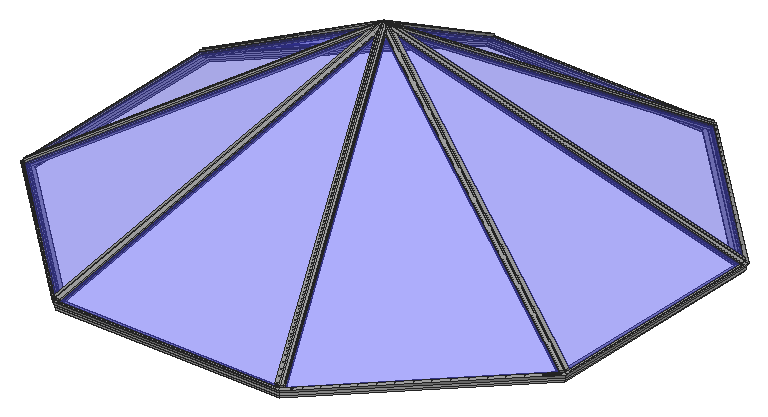
Revit family "Versalite™ Glass - Octagon - Insulating Glass", category Generic Models, Revit 2015
Parameters
  Width Limitation [instance] = if(Width > 8' 0", 8' 0", if(Width < 3' 0", 3' 0", Width))  # 8' - 0"
  Width [instance] = 10' - 0"
  URL = "obe.com"
  Edge [instance] = Width Limitation * cos(45.00°)  # 5' - 7.88225"
  Model = "Pre-engineered Skylight"
  Manufacturer = "Oldcastle BuildingEnvelope®"
  Keynote = "08 63 00"
  Height [instance] = (Raster 2 * tan(30.00°)) + (0' 1 173/256")  # 2' - 6.49368"
  Glass Material = Glass
  Gasket Material = Gasket
  Frame Material = Aluminum
  Raster 2 [instance] = Width Limitation / 2 + 0' 1 117/128"  # 4' - 1 117/128"
  Raster [instance] = Width Limitation / 2  # 4' - 0"
  Description = "Versalite™ Glass - Insulating Glass"
  Assembly Code = "B3020"
Reference planes (in)
  plane 1 "Center (Front/Back)": y = 0
  plane 2: z = 0
  plane 3 "Center (Left/Right)": x = 0
  plane 4: y = -115.88225
  plane 5: y = 115.88225
  plane 6: x = -24
  plane 7: x = 72
  plane 8 "Roof Left": through (-18.37096, 46.91666, 0.625) normal (0, 0.5, 0.866)
  plane 9 "Roof Rigth": through (-18.37096, -46.91666, 0.625) normal (0, 0.5, -0.866)
  plane 10: z = 30.49368
  plane 11: x = 24
  plane 12: x = 24
  plane 13: x = -91.88225
  plane 14: y = 48
  plane 15: y = -48
  plane 16: x = 139.88225
  plane 17: through (18, -6, 108) normal (-0.7071, 0.7071, 0)
  plane 18: through (18, 6, 108) normal (-0.7071, -0.7071, 0)
Forms (in)
  Sweep 1, solid, material "Aluminum"
    path origin (0, 0, 0) x (1, 0, 0) y (0, 1, 0)
      loop
        line (-24, 115.88225) -> (-91.88225, 48) -> (-91.88225, -48) -> (-24, -115.88225) -> (72, -115.88225) -> (139.88225, -48) -> (139.88225, 48) -> (72, 115.88225) -> (-24, 115.88225)
    profile origin (24, 115.88225, 0) x (0, 1, 0) y (0, 0, 1)
      loop
        line (1.00903, 1.23669) -> (0.93979, 1.11675) -> (1.48772, 0.80041) -> (0.8072, -0.37828) -> (-0.03775, 0.10956) -> (-0.38328, -0.52501) -> (-0.93348, -0.20736) -> (-1.24871, -0.75335) -> (-2.63565, -0.75335) -> (-2.63565, -1.35004) -> (0.57712, -1.35004) -> (0.57712, -2.67033) -> (0.69693, -2.67033) -> (0.69693, -1.58967) -> (1.296, -1.58967) -> (1.296, -0.66255) -> (2.04666, 0.63762) -> (1.00903, 1.23669)
Lines and regions (in)
  model lines
    curve 1: line (-0.58124, 55.40552, 0) -> (-0.65798, 55.48226, 0)
  reference lines
    curve 2: line (72, 115.88225, 0) -> (139.88225, 48, 0)
    curve 3: line (-91.88225, 48, 0) -> (-24, 115.88225, 0)
    curve 4: line (-24, -115.88225, 0) -> (-91.88225, -48, 0)
    curve 5: line (72, -115.87984, 0) -> (139.88225, -47.99758, 0)
Dimensions and locks (in)
  "Height": plane 10 to level
  "Width Limitation": plane 6 to plane 7
  "Raster": plane 6 to plane 11
  "Raster": plane 12 to plane 7
  equal spacing: plane 15, plane 1 "Center (Front/Back)", plane 14
  "Width Limitation": plane 15 to plane 14
  "Edge": plane 13 to plane 6
  "Edge": plane 7 to plane 16
  locked: nested 4 to plane 13 at 1.29777
  locked: plane 16 to nested 7 at 1.38802
  "Edge": plane 14 to plane 5
  "Edge": plane 15 to plane 4
  plane 7 to nested 1 = 0' - 1.33479"
  plane 4 to nested 1 = 0' - 3.22247"
  locked: curve 2 to nested 5 at 1.11871
  locked: curve 3 to nested 2 at 1.11871
  locked: curve 4 to nested 3 at 1.11871
  locked: nested 6 to curve 5 at 1.12042
  locked: plane 5 to nested 9 at 1.11323
  locked: plane 4 to nested 1 at 3.22247
  locked: plane 7 to nested 1 at 1.33479
  locked: plane 4 to nested 10 at 3.22247
  locked: nested 10 to plane 6 at 1.33479
  locked: plane 5 to nested 11 at 3.22247
  locked: plane 7 to nested 11 at 1.33479
  locked: nested 12 to plane 6 at 1.33479
  locked: plane 5 to nested 12 at 3.22247
  locked: nested 13 to plane 13 at 3.22247
  locked: plane 14 to nested 13 at 1.33479
  locked: plane 15 to nested 14 at 1.33479
  locked: nested 14 to plane 13 at 3.22247
  locked: plane 16 to nested 15 at 3.22247
  locked: plane 14 to nested 15 at 1.33479
  locked: plane 16 to nested 16 at 3.22247
  locked: plane 15 to nested 16 at 1.33479
  locked: plane 4 to nested 8 at 1.11323
  locked: curve 2 to plane 5 (angle 45.00°)
  locked: plane 1 "Center (Front/Back)" to plane 17 (angle 45.00°)
  locked: plane 12 to plane 18 (angle 45.00°)
  locked: plane 5 to curve 3 (angle 45.00°)
  locked: plane 13 to curve 4 (angle 45.00°)
  locked: plane 4 to curve 5 (angle 45.00°)
  aligned and locked: level to plane 2
  aligned and locked: plane 14 to Sweep 1 sketch curve  (x2)
  aligned and locked: Sweep 1 sketch curve to plane 15
  aligned and locked: plane 15 to Sweep 1 sketch curve
  aligned and locked: Sweep 1 sketch curve to plane 6
  aligned and locked: plane 7 to Sweep 1 sketch curve
  aligned and locked: Sweep 1 sketch curve to plane 7
  aligned and locked: plane 6 to Sweep 1 sketch curve
  aligned and locked: plane 16 to curve 2
  aligned and locked: plane 7 to curve 2
  aligned and locked: nested 2 to plane 18
  aligned and locked: nested 5 to plane 17
  aligned and locked: nested 6 to plane 18
  aligned and locked: nested 3 to plane 17
  aligned and locked: curve 3 to plane 6
  aligned and locked: plane 13 to curve 3
  aligned and locked: plane 13 to curve 4
  aligned and locked: plane 6 to curve 4
  aligned and locked: plane 16 to curve 5
  aligned and locked: curve 5 to plane 7
  aligned and locked: plane 12 to nested 8
  aligned and locked: nested 9 to plane 12
  aligned and locked: nested 17 to plane 4
  aligned and locked: curve 5 to nested 18
  aligned and locked: nested 18 to curve 5
  aligned and locked: nested 19 to plane 14
  aligned and locked: plane 15 to nested 19
  aligned and locked: plane 16 to nested 19
  aligned and locked: nested 20 to curve 2  (x3)
  aligned and locked: nested 21 to plane 6
  aligned and locked: plane 7 to nested 21
  aligned and locked: nested 21 to plane 5
  aligned and locked: nested 22 to curve 3  (x3)
  aligned and locked: nested 23 to plane 15
  aligned and locked: nested 23 to plane 14
  aligned and locked: plane 13 to nested 23
  aligned and locked: nested 24 to curve 4  (x3)
  aligned and locked: plane 6 to nested 17
  aligned and locked: nested 17 to plane 7
Automatic sketch dimensions
  Sweep 1 sketch curve to plane 13 = 0' - 0"
  Sweep 1 sketch curve to plane 16 = 0' - 0"
  Sweep 1 sketch curve to plane 4 = 0' - 0"
  plane 5 to Sweep 1 sketch curve = 0' - 0"
  profile plane to Sweep 1 sketch curve = 0' - 2.63565"
  profile plane to Sweep 1 sketch curve = 0' - 1.24871"
  Sweep 1 sketch curve to level = 0' - 0.20736"
  Sweep 1 sketch curve to Sweep 1 sketch curve = 0' - 0.31523"
  profile plane to Sweep 1 sketch curve = 0' - 0.38328"
  profile plane to Sweep 1 sketch curve = 0' - 0.03775"
  Sweep 1 sketch curve to profile plane = 0' - 0.57712"
  Sweep 1 sketch curve to Sweep 1 sketch curve = 0' - 0.11981"
  Sweep 1 sketch curve to level = 0' - 0.37828"
  Sweep 1 sketch curve to profile plane = 0' - 0.8072"
  Sweep 1 sketch curve to profile plane = 0' - 0.93979"
  Sweep 1 sketch curve to Sweep 1 sketch curve = 0' - 0.06925"
  Sweep 1 sketch curve to Sweep 1 sketch curve = 0' - 0.59907"
  Sweep 1 sketch curve to Sweep 1 sketch curve = 0' - 0.54793"
  level to Sweep 1 sketch curve = 0' - 0.63762"
  Sweep 1 sketch curve to Sweep 1 sketch curve = 0' - 0.55894"
  Sweep 1 sketch curve to Sweep 1 sketch curve = 0' - 0.546"
  Sweep 1 sketch curve to Sweep 1 sketch curve = 0' - 0 11/16"
  Sweep 1 sketch curve to Sweep 1 sketch curve = 0' - 0.23963"
  Sweep 1 sketch curve to Sweep 1 sketch curve = 0' - 1.08065"
  curve 1 to plane 3 "Center (Left/Right)" = 0' - 0.58124"
  curve 1 to curve 1 = 0' - 0.07674"  (x2)
  curve 4 to plane 4 = 0' - 0"
  plane 14 to curve 3 = 0' - 0"
  plane 14 to curve 2 = 0' - 0"
  plane 15 to curve 5 = 0' - 0.00242"
  curve 1 to plane 14 = 0' - 7.40552"
Nested families (in)
  nested 1: "Ridge" at (73.33479, -119.10472, 0) x (-1, 0, 0) z (0, 0, 1), Width Limitation <- "Width Limitation", type "Ridge"
    with Width Limitation 8' - 0", Void elevation 6' - 10.56829", Nett Length 12' - 8.47372", Lenght 10' - 9.30504", Height 4' - 11.98746"
  nested 2: "Triangular Glazing Panel" at (-58.73218, 82.73218, -0.6449) x (-0.7071, -0.7071, 0) z (0, 0, 1), Raster <- "Width Limitation", type "Triangular Glazing Panel"
    with Raster 8' - 0", Nett Length 4' - 9.39744", Length 9' - 0"
  nested 3: "Triangular Glazing Panel" at (-58.73218, -82.73218, -0.6449) x (-0.7071, 0.7071, 0) z (0, 0, 1), Raster <- "Width Limitation", type "Triangular Glazing Panel"
    with Raster 8' - 0", Nett Length 4' - 9.39744", Length 9' - 0"
  nested 4: "Triangular Glazing Panel" at (-92.99352, 0.0221, -0.6449) x (0, 1, 0) z (0, 0, 1), Raster <- "Width Limitation", type "Triangular Glazing Panel"
    with Raster 8' - 0", Nett Length 4' - 9.39744", Length 9' - 0"
  nested 5: "Triangular Glazing Panel" at (106.73218, 82.73218, -0.6449) x (0.7071, -0.7071, 0) z (0, 0, 1), Raster <- "Width Limitation", type "Triangular Glazing Panel"
    with Raster 8' - 0", Nett Length 4' - 9.39744", Length 9' - 0"
  nested 6: "Triangular Glazing Panel" at (106.73218, -82.73218, -0.6449) x (0.7071, 0.7071, 0) z (0, 0, 1), Raster <- "Width Limitation", type "Triangular Glazing Panel"
    with Raster 8' - 0", Nett Length 4' - 9.39744", Length 9' - 0"
  nested 7: "Triangular Glazing Panel" at (140.99352, 0.0221, -0.6449) x (0, 1, 0) z (0, 0, 1), Raster <- "Width Limitation", type "Triangular Glazing Panel"
    with Raster 8' - 0", Nett Length 4' - 9.39744", Length 9' - 0"
  nested 8: "Triangular Glazing Panel" at (24, -116.99548, -0.64272), Raster <- "Width Limitation", type "Triangular Glazing Panel"
    with Raster 8' - 0", Nett Length 4' - 9.39744", Length 9' - 0"
  nested 9: "Triangular Glazing Panel" at (24, 116.99548, -0.64272), Raster <- "Width Limitation", type "Triangular Glazing Panel"
    with Raster 8' - 0", Nett Length 4' - 9.39744", Length 9' - 0"
  nested 10: "Ridge" at (-25.33479, -119.10472, 0), Width Limitation <- "Width Limitation", type "Ridge"
    with Width Limitation 8' - 0", Void elevation 6' - 10.56829", Nett Length 12' - 8.47372", Lenght 10' - 9.30504", Height 4' - 11.98746"
  nested 11: "Ridge" at (73.33479, 119.10472, 0) x (-1, 0, 0) z (0, 0, 1), Width Limitation <- "Width Limitation", type "Ridge"
    with Width Limitation 8' - 0", Void elevation 6' - 10.56829", Nett Length 12' - 8.47372", Lenght 10' - 9.30504", Height 4' - 11.98746"
  nested 12: "Ridge" at (-25.33479, 119.10472, 0), Width Limitation <- "Width Limitation", type "Ridge"
    with Width Limitation 8' - 0", Void elevation 6' - 10.56829", Nett Length 12' - 8.47372", Lenght 10' - 9.30504", Height 4' - 11.98746"
  nested 13: "Ridge" at (-95.10472, 49.33479, 0) x (0, -1, 0) z (0, 0, 1), Width Limitation <- "Width Limitation", type "Ridge"
    with Width Limitation 8' - 0", Void elevation 6' - 10.56829", Nett Length 12' - 8.47372", Lenght 10' - 9.30504", Height 4' - 11.98746"
  nested 14: "Ridge" at (-95.10472, -49.33479, 0) x (0, 1, 0) z (0, 0, 1), Width Limitation <- "Width Limitation", type "Ridge"
    with Width Limitation 8' - 0", Void elevation 6' - 10.56829", Nett Length 12' - 8.47372", Lenght 10' - 9.30504", Height 4' - 11.98746"
  nested 15: "Ridge" at (143.10472, 49.33479, 0) x (0, -1, 0) z (0, 0, 1), Width Limitation <- "Width Limitation", type "Ridge"
    with Width Limitation 8' - 0", Void elevation 6' - 10.56829", Nett Length 12' - 8.47372", Lenght 10' - 9.30504", Height 4' - 11.98746"
  nested 16: "Ridge" at (143.10472, -49.33479, 0) x (0, 1, 0) z (0, 0, 1), Width Limitation <- "Width Limitation", type "Ridge"
    with Width Limitation 8' - 0", Void elevation 6' - 10.56829", Nett Length 12' - 8.47372", Lenght 10' - 9.30504", Height 4' - 11.98746"
  nested 17: "Sill" at (24, -115.88225, 0), Length <- "Width Limitation", type "Sill"
    with built-in parameter 1001569 8' - 0"
  nested 18: "Sill" at (105.94113, -81.93871, 0) x (0.7071, 0.7071, 0) z (0, 0, 1), Length <- "Width Limitation", type "Sill"
    with built-in parameter 1001569 8' - 0"
  nested 19: "Sill" at (139.88225, 0, 0) x (0, 1, 0) z (0, 0, 1), Length <- "Width Limitation", type "Sill"
    with built-in parameter 1001569 8' - 0"
  nested 20: "Sill" at (105.94113, 81.94113, 0) x (-0.7071, 0.7071, 0) z (0, 0, 1), Length <- "Width Limitation", type "Sill"
    with built-in parameter 1001569 8' - 0"
  nested 21: "Sill" at (24, 115.88225, 0) x (-1, 0, 0) z (0, 0, 1), Length <- "Width Limitation", type "Sill"
    with built-in parameter 1001569 8' - 0"
  nested 22: "Sill" at (-57.94113, 81.94113, 0) x (-0.7071, -0.7071, 0) z (0, 0, 1), Length <- "Width Limitation", type "Sill"
    with built-in parameter 1001569 8' - 0"
  nested 23: "Sill" at (-91.88225, 0, 0) x (0, -1, 0) z (0, 0, 1), Length <- "Width Limitation", type "Sill"
    with built-in parameter 1001569 8' - 0"
  nested 24: "Sill" at (-57.94113, -81.94113, 0) x (0.7071, -0.7071, 0) z (0, 0, 1), Length <- "Width Limitation", type "Sill"
    with built-in parameter 1001569 8' - 0"
Definition of nested family "Ridge"
  Parameters (values of type "Ridge")
    Void elevation [instance] = (Nett Length * sin(32.00°)) + 0' 1 197/256"  # 4' - 5.17677"
    Width Limitation [instance] = 5' - 0"
    Nett Length [instance] = Lenght / cos(32.00°)  # 8' - 1.00957"
    Lenght [instance] = (Width Limitation / 2) / cos(67.50°) + 0' 3 7/8"  # 6' - 10.26878"
    Height [instance] = Width Limitation * tan(32.00°)  # 3' - 1.49216"
  Reference planes (in)
    plane 1 "Center (Front/Back)": y = 0
    plane 2: z = 0
    plane 3 "Center (Left/Right)": x = 0
    plane 4: through (8.48059, -4.3976, -0.9828) normal (-0.2551, -0.2833, 0.9245)
    plane 5 "Bottom": through (7.8239, -0.63098, 0) normal (-0.3827, -0.9239, 0)
    plane 6: y = 60
    plane 7: x = 60
    plane 8: through (11.2756, 1.15677, -10.34791) normal (-0.6546, -0.6546, -0.378)
    plane 9: z = 60
    plane 10: z = 37.49216
    plane 11 "Base": through (26.20311, -22.82243, 0) normal (-0.2673, -0.2673, 0.9258)
    plane 12: through (74.78221, 64.66337, 26.32194) normal (-0.6546, -0.6546, -0.378)
    plane 13: z = 53.17677
    plane 14 "ASD": through (49.59912, 71.11224, 0) normal (-0.3827, -0.9239, 0)
    plane 15 "Centerline": through (0, 0, 48) normal (-0.9239, 0.3827, 0)
    plane 16: through (41.8826, -30.74872, 25.61957) normal (0.3314, 0.8001, 0.5)
    plane 17 "FDG": through (73.89627, 46.5391, 74.74273) normal (0.3314, 0.8001, 0.5)
    plane 18 "Pitched plane": through (17.75828, -4.74593, 0) normal (-0.1913, -0.4619, 0.866)
  Forms (in)
    Sweep 1, void
      path origin (-1.5, 0, 0) x (0.92388, 0.382683, 0) y (-0.382683, 0.92388, 0)
        loop
          line (-2.44102, 8.66477) -> (1.38582, -0.57403) -> (9.70074, -4.01818)
      profile origin (4.5, 0, 0) x (0, 1, 0) y (0, 0, 1)
        loop
          line (3.41352, 0.1207) -> (2.6324, -0.36744) -> (2.09694, 0.63724) -> (2.69519, 1.0111) -> (1.27996, 3.66431) -> (0, 2.86443) -> (0, -2.66622) -> (5.81721, -2.66622) -> (5.81721, -0.74925) -> (4.53584, -0.74925) -> (4.24461, -0.20325) -> (3.73629, -0.5209) -> (3.41352, 0.1207)
    Extrusion 2, void
      sketch origin (0, 0, 0) x (1, 0, 0) y (0, 1, 0)
        loop
          line (32.80945, 102.07387) -> (19.79522, 70.65475) -> (24.42419, 68.73737) -> (31.33415, 75.64733) -> (31.33415, 65.87517) -> (35.96437, 63.95727) -> (48.9786, 95.37639) -> (32.80945, 102.07387)
      from 0 to 60
    Sweep 3, solid
      path origin (0.23067, 0.5569, -1.04405) x (-0.331414, -0.800103, -0.5) y (0.92388, -0.382683, 0)
        loop
          line (-2.0881, 0) -> (-99.09767, 0)
      profile origin (16.99784, 41.03642, 24.25239) x (-0.92388, 0.382683, 0) y (-0.191342, -0.46194, 0.866025)
        loop
          line (-1.27781, -1.4852) -> (0, -1.22058) -> (1.27781, -1.4852) -> (1.4135, -0.83002) -> (0.74802, -0.69221) -> (1.02663, 0.65317) -> (1.69211, 0.51536) -> (1.84686, 1.26263) -> (0.36114, 1.57031) -> (-0.36114, 1.57031) -> (-1.84686, 1.26263) -> (-1.69211, 0.51536) -> (-1.02663, 0.65317) -> (-0.74802, -0.69221) -> (-1.4135, -0.83002) -> (-1.27781, -1.4852)
  Cuts and joins
    Sweep 1, Extrusion 2 cuts Sweep 3
  Dimensions and locks (in)
    "Width Limitation": plane 3 "Center (Left/Right)" to plane 7
    "Width Limitation": plane 1 "Center (Front/Back)" to plane 6
    "Width Limitation": plane 9 to level
    "Height": plane 10 to level
    "Nett Length": plane 8 to plane 12
    "Void elevation": plane 13 to level
    "Lenght": plane 5 "Bottom" to plane 14 "ASD"
    "Nett Length": plane 17 "FDG" to plane 16
    Sweep 3 to plane 18 "Pitched plane" = 0' - 1 73/128"
    Extrusion 2 sketch curve to Extrusion 2 sketch curve to plane 15 "Centerline" to Extrusion 2 sketch curve to Extrusion 2 sketch curve to Extrusion 2 sketch curve = 0' - 5.01036" locked, 0' - 3.73964" locked, 0' - 0" locked, 0' - 3.73964" locked, 0' - 5 3/256" locked
    Extrusion 2 sketch curve to Extrusion 2 sketch curve to Extrusion 2 sketch curve to plane 14 "ASD" to Extrusion 2 sketch curve = 0' - 0" locked, 0' - 9.02829" locked, 0' - 2.79983" locked, 1' - 10 23/128" locked
    angle level to plane 11 "Base" = 22.21°
    locked: Sweep 1 sketch curve to Sweep 1 sketch curve (angle 135.00°)
    locked: level to plane 18 "Pitched plane" (angle 30.00°)
    locked: plane 16 to plane 18 "Pitched plane" (angle 90.00°)
    locked: plane 5 "Bottom" to plane 16 (angle 30.00°)
    angle Sweep 3 sketch curve to profile plane = 78.30°
    angle plane 1 "Center (Front/Back)" to plane 15 "Centerline" = 67.50°
    aligned and locked: plane 2 to level
    aligned and locked: plane 9 to Extrusion 2
    aligned and locked: plane 1 "Center (Front/Back)" to Sweep 1 sketch curve
    aligned and locked: Sweep 3 sketch curve to plane 15 "Centerline"
    aligned and locked: Sweep 3 sketch curve to plane 18 "Pitched plane"
    aligned and locked: plane 16 to Sweep 3 sketch curve
    aligned and locked: plane 17 "FDG" to Sweep 3 sketch curve
  Automatic sketch dimensions
    Sweep 1 sketch curve to plane 3 "Center (Left/Right)" = 0' - 0"
    Sweep 3 sketch curve to plane 16 = 0' - 0"
    Sweep 1 sketch curve to profile plane = 0' - 0"
    Sweep 1 sketch curve to profile plane = 0' - 1.27996"
    level to Sweep 1 sketch curve = 0' - 0.63724"
    Sweep 1 sketch curve to profile plane = 0' - 2.09694"
    Sweep 1 sketch curve to level = 0' - 0.36744"
    Sweep 1 sketch curve to Sweep 1 sketch curve = 0' - 0.53546"
    level to Sweep 1 sketch curve = 0' - 1.0111"
    Sweep 1 sketch curve to Sweep 1 sketch curve = 0' - 0.59825"
    level to Sweep 1 sketch curve = 0' - 0.1207"
    Sweep 1 sketch curve to Sweep 1 sketch curve = 0' - 0.78112"
    Sweep 1 sketch curve to level = 0' - 0.5209"
    Sweep 1 sketch curve to Sweep 1 sketch curve = 0' - 0.32277"
    Sweep 1 sketch curve to level = 0' - 0.20325"
    Sweep 1 sketch curve to Sweep 1 sketch curve = 0' - 0.50832"
    Sweep 1 sketch curve to level = 0' - 0.74925"
    Sweep 1 sketch curve to Sweep 1 sketch curve = 0' - 0.29124"
    Sweep 1 sketch curve to Sweep 1 sketch curve = 0' - 1.28137"
    Sweep 1 sketch curve to Sweep 1 sketch curve = 0' - 1.91697"
    level to Sweep 1 sketch curve = 0' - 2.86443"
    Sweep 1 sketch curve to Sweep 1 sketch curve = 0' - 0.79987"
    profile plane to Sweep 3 sketch curve = 0' - 0"
    Sweep 3 sketch curve to Sweep 3 sketch curve = 0' - 0.13568"
    plane 18 "Pitched plane" to Sweep 3 sketch curve = 0' - 0.51536"  (x2)
    Sweep 3 sketch curve to Sweep 3 sketch curve = 0' - 0.27861"
    Sweep 3 sketch curve to Sweep 3 sketch curve = 0' - 0.15475"
    plane 18 "Pitched plane" to Sweep 3 sketch curve = 0' - 0.65317"
    Sweep 3 sketch curve to plane 18 "Pitched plane" = 0' - 0.69221"
    profile plane to Sweep 3 sketch curve = 0' - 0.36114"
    Sweep 3 sketch curve to profile plane = 0' - 0.36114"
    Sweep 3 sketch curve to profile plane = 0' - 0.74802"
    Sweep 3 sketch curve to profile plane = 0' - 1.02663"
    Sweep 3 sketch curve to Sweep 3 sketch curve = 0' - 0.66548"  (x2)
    plane 18 "Pitched plane" to Sweep 3 sketch curve = 0' - 1.26263"
    Sweep 3 sketch curve to Sweep 3 sketch curve = 0' - 0.52837"
    Sweep 3 sketch curve to Sweep 3 sketch curve = 0' - 0"
Definition of nested family "Triangular Glazing Panel"
  Parameters (values of type "Triangular Glazing Panel")
    Raster [instance] = 9' - 0"
    Nett Length [instance] = ((Raster / cos(32.00°)) / 2) + 0' 0 51/64"  # 5' - 4.47251"
    Length [instance] = 9' - 0"
  Reference planes (in)
    plane 1 "Center (Front/Back)": y = 0
    plane 2: z = 0
    plane 3 "Center (Left/Right)": x = 0
    plane 4: x = -54
    plane 5: x = 54
    plane 6 "Top": y = 42.75498
    plane 7: x = -53.4375
    plane 8: x = 53.4375
    plane 9: through (0, 1.48035, -1.53811) normal (0, -0.848, -0.5299)
    plane 10 "INT": through (0, 0.03852, 0.31895) normal (0, -0.5299, 0.848)
    plane 11 "EXT": through (0, -0.28102, 1.27117) normal (0, -0.5299, 0.848)
    plane 12: through (0, 0.12121, 0.63697) normal (0, -0.5299, 0.848)
    plane 13: through (0, -0.14854, 1.05916) normal (0, -0.5299, 0.848)
    plane 14 "01": through (0, 56.15614, 32.62711) normal (0, -0.848, -0.5299)
  Forms (in)
    Sweep 1, solid, detail levels fine
      path origin (0, 0.03852, 0.31895) x (0, -0.848048, -0.529919) y (1, 0, 0)
        loop
          line (-0.23865, -53.4375) -> (-0.23865, 53.4375) -> (-152.40637, 0) -> (-0.23865, -53.4375)
      profile origin (0, 0.24091, 0.44542) x (0, 0.848048, 0.529919) y (0, -0.529919, 0.848048)
        loop
          line (0.58303, -0.21494) -> (0.67233, 0) -> (0.13561, 0) -> (0.21749, -0.20217) -> (0.58303, -0.21494)
    Sweep 2, solid, detail levels fine
      path origin (0, -0.28102, 1.27117) x (0, -0.848048, -0.529919) y (1, 0, 0)
        loop
          line (-0.00504, -53.4375) -> (-0.00504, 53.4375) -> (-152.17276, 0) -> (-0.00504, -53.4375)
      profile origin (0, -0.27675, 1.27384) x (0, 0.848048, 0.529919) y (0, -0.529919, 0.848048)
        loop
          line (0.59227, 0.17413) -> (0.21628, 0.17581) -> (0.19511, 0.08826) -> (0.2164, -0.00263) -> (0.59095, -0.00263) -> (0.61266, 0.08639) -> (0.59227, 0.17413)
    Extrusion 3, solid, detail levels coarse
      sketch origin (11.51367, 0.33212, 0.39754) x (0, -0.848048, -0.529919) y (1, 0, 0)
        loop
          line (0.05199, -64.95117) -> (0.05199, 41.92383) -> (-152.11574, -11.51367) -> (0.05199, -64.95117)
      from 0.08893 to 1.06317
    Extrusion 4, solid, detail levels medium+fine
      sketch origin (0, 0.33212, 0.39754) x (0, -0.848048, -0.529919) y (1, 0, 0)
        loop
          line (0.05199, -53.4375) -> (0.05199, 53.4375) -> (-152.11574, 0) -> (0.05199, -53.4375)
      from 0.08893 to 0.3148
    Extrusion 5, solid, detail levels medium+fine
      sketch origin (0, 0.33212, 0.39754) x (0, -0.848048, -0.529919) y (1, 0, 0)
        loop
          line (0.05199, -53.4375) -> (0.05199, 53.4375) -> (-152.11574, 0) -> (0.05199, -53.4375)
      from 0.81579 to 1.06579
  Dimensions and locks (in)
    locked: plane 4 to plane 7 at 0.5625
    locked: plane 8 to plane 5 at 0.5625
    plane 9 to level = 0' - 0.83095"
    plane 1 "Center (Front/Back)" to plane 9 = 0' - 0.51923"
    "Nett Length": plane 9 to plane 14 "01"
    "Raster": plane 4 to plane 5
    equal spacing: plane 4, plane 3 "Center (Left/Right)", plane 5
    angle plane 1 "Center (Front/Back)" to plane 9 = 32.00°
    locked: Sweep 1 sketch curve to Sweep 1 sketch curve (angle 70.65°)  (x2)
    locked: Sweep 2 sketch curve to Sweep 2 sketch curve (angle 70.65°)  (x2)
    locked: Extrusion 5 sketch curve to Extrusion 5 sketch curve (angle 70.65°)  (x2)
    locked: Extrusion 3 sketch curve to Extrusion 3 sketch curve (angle 70.65°)  (x2)
    locked: Extrusion 4 sketch curve to Extrusion 4 sketch curve (angle 70.65°)  (x2)
    aligned and locked: plane 2 to level
    aligned and locked: plane 9 to Sweep 2 sketch curve
    aligned and locked: plane 9 to Sweep 1 sketch curve
    aligned and locked: Extrusion 4 to plane 12
    aligned and locked: Extrusion 5 to plane 11 "EXT"
    aligned and locked: Extrusion 5 to plane 13
    aligned and locked: plane 7 to Extrusion 4 sketch curve
    aligned and locked: plane 8 to Extrusion 4 sketch curve
    aligned and locked: plane 8 to Extrusion 3 sketch curve
    aligned and locked: plane 7 to Extrusion 3 sketch curve
    aligned and locked: plane 8 to Extrusion 5 sketch curve
    aligned and locked: plane 7 to Extrusion 5 sketch curve
    aligned and locked: plane 8 to Sweep 2 sketch curve
    aligned and locked: plane 8 to Sweep 1 sketch curve
    aligned and locked: plane 7 to Sweep 1 sketch curve
    aligned and locked: plane 9 to Extrusion 5 sketch curve
  Automatic sketch dimensions
    Sweep 1 sketch curve to plane 10 "INT" = 0' - 0"
    Sweep 1 sketch curve to profile plane = 0' - 0.13561"
    Sweep 1 sketch curve to Sweep 1 sketch curve = 0' - 0.08188"
    Sweep 1 sketch curve to plane 10 "INT" = 0' - 0.21494"
    Sweep 1 sketch curve to Sweep 1 sketch curve = 0' - 0.36554"
    Sweep 1 sketch curve to Sweep 1 sketch curve = 0' - 0.0893"
    Sweep 1 sketch curve to plane 10 "INT" = 0' - 0.20217"
    plane 11 "EXT" to Sweep 2 sketch curve = 0' - 0.08826"
    Sweep 2 sketch curve to profile plane = 0' - 0.19511"
    Sweep 2 sketch curve to Sweep 2 sketch curve = 0' - 0.02117"
    Sweep 2 sketch curve to plane 11 "EXT" = 0' - 0.00263"
    Sweep 2 sketch curve to Sweep 2 sketch curve = 0' - 0.0213"
    Sweep 2 sketch curve to Sweep 2 sketch curve = 0' - 0.37455"
    plane 11 "EXT" to Sweep 2 sketch curve = 0' - 0.17413"
    Sweep 2 sketch curve to Sweep 2 sketch curve = 0' - 0.00132"
    plane 11 "EXT" to Sweep 2 sketch curve = 0' - 0.08639"
    Sweep 2 sketch curve to Sweep 2 sketch curve = 0' - 0.02039"
    Sweep 2 sketch curve to Sweep 2 sketch curve = 0' - 0.08756"
    Sweep 2 sketch curve to plane 7 = 0' - 0"
    plane 9 to Extrusion 3 sketch curve = 0' - 0"
    plane 9 to Extrusion 4 sketch curve = 0' - 0"
Definition of nested family "Sill"
  Parameters (values of type "Sill")
    Length [instance] = 2' - 4"
  Reference planes (in)
    plane 1 "Center (Front/Back)": y = 0
    plane 2: z = 0
    plane 3 "Center (Left/Right)": x = 0
    plane 4: x = -14
    plane 5: x = 14
  Lines and regions (in)
    model lines
      curve 1: line (-14, 0, 0) -> (14, 0, 0)
  Dimensions and locks (in)
    equal spacing: plane 4, plane 3 "Center (Left/Right)", plane 5
    "Length": plane 4 to plane 5
    aligned and locked: plane 2 to level
    aligned and locked: plane 4 to curve 1
    aligned and locked: plane 5 to curve 1
  Automatic sketch dimensions
    plane 1 "Center (Front/Back)" to curve 1 = 0' - 0"
  Nested families (in)
    nested 1: "Sill-DI" at (0, 0, 0) x (0, -1, 0) z (1, 0, 0), type "Sill-DI"
  Definition of nested family "Sill-DI"
    Reference planes (in)
      plane 1 "Center (Front/Back)": y = 0
      plane 2: z = 0
      plane 3 "Center (Left/Right)": x = 0
    Lines and regions (in)
      detail lines, in view "Ref. Level"
        curve 1: line (-0.69693, -1.58967, 0) -> (-0.69693, -2.67033, 0)
        curve 2: line (-0.69693, -2.67033, 0) -> (-0.57712, -2.67033, 0)
        curve 3: line (-0.57712, -2.67033, 0) -> (-0.57712, -1.35004, 0)
        curve 4: line (-0.57712, -1.35004, 0) -> (2.63565, -1.35004, 0)
        curve 5: line (2.63565, -0.75335, 0) -> (2.63565, -1.35004, 0)
        curve 6: line (1.24871, -0.75335, 0) -> (2.63565, -0.75335, 0)
        curve 7: line (1.24871, -0.75335, 0) -> (0.93348, -0.20736, 0)
        curve 8: line (0.93348, -0.20736, 0) -> (0.38328, -0.52501, 0)
        curve 9: line (-0.04681, 0.26485, 0) -> (0.38328, -0.52501, 0)
        curve 10: line (-0.89589, -0.22536, 0) -> (-0.04681, 0.26485, 0)
        curve 11: line (-1.39114, 0.63313, 0) -> (-0.89589, -0.22536, 0)
        curve 12: line (-0.84321, 0.94948, 0) -> (-1.39114, 0.63313, 0)
        curve 13: line (-1.00903, 1.23669, 0) -> (-2.04666, 0.63762, 0)
        curve 14: line (-0.84321, 0.94948, 0) -> (-1.00903, 1.23669, 0)
        curve 15: line (-1.00903, 1.23669, 0) -> (-2.04666, 0.63762, 0)
        curve 16: line (-2.04666, 0.63762, 0) -> (-1.296, -0.66255, 0)
        curve 17: line (-1.296, -0.66255, 0) -> (-1.296, -1.58967, 0)
        curve 18: line (-1.296, -1.58967, 0) -> (-0.69693, -1.58967, 0)
